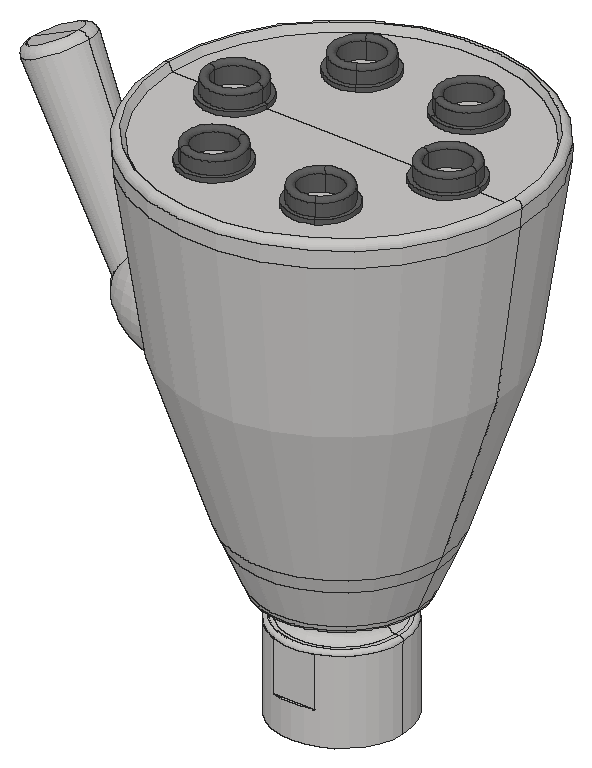
Revit family "S-2252", category Plumbing Equipment, host Face, Revit 2023
Family settings
  Host = Face
  Round Connector Dimension = Use Diameter
  Classification = None
  Part Type = Normal
  Cut with Voids When Loaded = No
  Maintain Annotation Orientation = No
  Shared = No
  Room Calculation Point = No
Parameters
  Nozzle = Rubber, Black
  Material = Stainless Steel, Polished
  Default Elevation = 4' - 0"
Reference planes (in)
  plane 1 "Center (Front/Back)": y = 0
  plane 2: z = 0
  plane 3 "Center (Left/Right)": x = 0
Forms (in)
  Revolve 1, solid, material "Stainless Steel, Polished" <- "Material"
    sketch origin (0, 0, 0) x (1, 0, 0) y (0, 0, 1)
      loop
        arc (0.76635, 1.30695) -> (1.17648, 2.50642) -> (1.36305, 3.76028) r 6.98413
        line (1.36305, 3.76028) -> (1.36858, 3.88074)
        arc (1.36858, 3.88074) -> (1.35195, 3.92088) -> (1.31182, 3.9375) r 0.05676
        line (1.31182, 3.9375) -> (1.28324, 3.88074) -> (0, 3.88074) -> (0, 0.62395) -> (0.46866, 0.62395)
        arc (0.46866, 0.62395) -> (0.4596, 0.64582) -> (0.43774, 0.65487) r 0.03092
        line (0.43774, 0.65487) -> (0.40649, 0.65487)
        arc (0.40649, 0.65487) -> (0.34253, 0.7097) -> (0.36067, 0.79196) r 0.08198
        line (0.36067, 0.79196) -> (0.40378, 0.83763) -> (0.54161, 0.83763)
        arc (0.54161, 0.83763) -> (0.55755, 0.84233) -> (0.5684, 0.85493) r 0.0294
        line (0.5684, 0.85493) -> (0.58498, 0.89162)
        arc (0.58498, 0.89162) -> (0.65201, 1.04336) -> (0.7165, 1.19619) r 9.9921
        line (0.7165, 1.19619) -> (0.76635, 1.30695)
      axis (0, 3.9375) -> (0, 0.62395)
    angle from 0 to 360
  Revolve 2, solid, material "Stainless Steel, Polished" <- "Material"
    sketch origin (0, 0, 0) x (1, 0, 0) y (0, 0, 1)
      loop
        line (-0.87614, 2.37991) -> (-1.6677, 2.37991)
        arc (-1.6677, 2.37991) -> (-1.63792, 2.2553) -> (-1.56378, 2.15081) r 0.33693
        arc (-1.56378, 2.15081) -> (-1.38846, 2.03351) -> (-1.18378, 1.9825) r 0.61374
        line (-1.18378, 1.9825) -> (-0.87614, 1.9825) -> (-0.87614, 2.37991)
      axis (-1.6677, 2.37991) -> (-0.87614, 2.37991)
    angle from 0 to 360
  SweptBlend 3, solid, material "Stainless Steel, Polished" <- "Material"
    path in 3D
      loop
        line (-2.13626, 0, 3.77621) -> (-1.47122, 0, 2.35001)
    profile origin (-2.13626, 0, 3.77621) x (0.906308, 0, 0.422618) y (0, -1, 0)
      loop
        circle (0, 0) r 0.24609
    end profile origin (-1.47122, 0, 2.35001) x (0.906308, 0, 0.422618) y (0, -1, 0)
      loop
        circle (0, 0) r 0.16797
  Extrusion 4, void
    sketch origin (0, 0, 0) x (0, 1, 0) y (0, 0, 1)
      loop
        spline (0.00019, 2.27674) -> (0.01182, 2.27954) -> (0.02265, 2.28772) -> (0.03196, 2.30074) -> (0.0391, 2.3177) -> (0.04359, 2.33746) -> (0.04512, 2.35866) -> (0.04359, 2.37985) -> (0.0391, 2.39961) -> (0.03196, 2.41657) -> (0.02265, 2.42959) -> (0.01182, 2.43777) -> (0.00019, 2.44057)
        spline (0.00019, 2.44057) -> (-0.01144, 2.43777) -> (-0.02228, 2.42959) -> (-0.03159, 2.41657) -> (-0.03873, 2.39961) -> (-0.04322, 2.37985) -> (-0.04475, 2.35866) -> (-0.04322, 2.33746) -> (-0.03873, 2.3177) -> (-0.03159, 2.30074) -> (-0.02228, 2.28772) -> (-0.01144, 2.27954) -> (0.00019, 2.27674)
      loop
        spline (-0.02517, 2.44772) -> (-0.036, 2.4377) -> (-0.04474, 2.42507) -> (-0.05154, 2.41037) -> (-0.05643, 2.39406) -> (-0.05938, 2.37664) -> (-0.06037, 2.35866) -> (-0.05938, 2.34067) -> (-0.05643, 2.32325) -> (-0.05154, 2.30694) -> (-0.04474, 2.29224) -> (-0.036, 2.27961) -> (-0.02517, 2.26959)
        spline (-0.02517, 2.26959) -> (-0.00331, 2.26127) -> (0.01959, 2.26596) -> (0.03773, 2.28126) -> (0.05047, 2.30327) -> (0.05815, 2.32977) -> (0.06075, 2.35866) -> (0.05815, 2.38754) -> (0.05047, 2.41404) -> (0.03773, 2.43605) -> (0.01959, 2.45135) -> (-0.00331, 2.45604) -> (-0.02517, 2.44772)
    from -1.77646 to -1.63183
  Revolve 5, solid, material "Rubber, Black" <- "Nozzle"
    sketch origin (0.40172, 0, 0) x (1, 0, 0) y (0, 0, 1)
      loop
        line (0.6182, 3.91199) -> (0.6182, 4.00641)
        arc (0.6182, 4.00641) -> (0.58897, 4.03437) -> (0.56233, 4.00394) r 0.02799
        line (0.56233, 4.00394) -> (0.56233, 3.88074) -> (0.6504, 3.88074) -> (0.6504, 3.91199)
        arc (0.6504, 3.91199) -> (0.6343, 3.91519) -> (0.6182, 3.91199) r 0.04214
      axis (0.40706, 3.88074) -> (0.40706, 4.00641)
    angle from 0 to 360
  Revolve 6, solid, material "Rubber, Black" <- "Nozzle"
    sketch origin (-0.40172, 0, 0) x (-1, 0, 0) y (0, 0, -1)
      loop
        arc (0.6182, -3.91199) -> (0.6343, -3.91519) -> (0.6504, -3.91199) r 0.04214
        line (0.6504, -3.91199) -> (0.6504, -3.88074) -> (0.56233, -3.88074) -> (0.56233, -4.00394)
        arc (0.56233, -4.00394) -> (0.58897, -4.03437) -> (0.6182, -4.00641) r 0.02799
        line (0.6182, -4.00641) -> (0.6182, -3.91199)
      axis (0.40706, -3.88074) -> (0.40706, -4.00641)
    angle from 0 to 360
  Revolve 7, solid, material "Rubber, Black" <- "Nozzle"
    sketch origin (-0.20086, 0.3479, 0) x (-0.5, 0.866025, 0) y (0, 0, -1)
      loop
        arc (0.6182, -3.91199) -> (0.6343, -3.91519) -> (0.6504, -3.91199) r 0.04214
        line (0.6504, -3.91199) -> (0.6504, -3.88074) -> (0.56233, -3.88074) -> (0.56233, -4.00394)
        arc (0.56233, -4.00394) -> (0.58897, -4.03437) -> (0.6182, -4.00641) r 0.02799
        line (0.6182, -4.00641) -> (0.6182, -3.91199)
      axis (0.40706, -3.88074) -> (0.40706, -4.00641)
    angle from 0 to 360
  Revolve 8, solid, material "Rubber, Black" <- "Nozzle"
    sketch origin (0.20086, 0.3479, 0) x (0.5, 0.866025, 0) y (0, 0, 1)
      loop
        line (0.6182, 3.91199) -> (0.6182, 4.00641)
        arc (0.6182, 4.00641) -> (0.58897, 4.03437) -> (0.56233, 4.00394) r 0.02799
        line (0.56233, 4.00394) -> (0.56233, 3.88074) -> (0.6504, 3.88074) -> (0.6504, 3.91199)
        arc (0.6504, 3.91199) -> (0.6343, 3.91519) -> (0.6182, 3.91199) r 0.04214
      axis (0.40706, 3.88074) -> (0.40706, 4.00641)
    angle from 0 to 360
  Revolve 9, solid, material "Rubber, Black" <- "Nozzle"
    sketch origin (-0.20086, -0.3479, 0) x (-0.5, -0.866025, 0) y (0, 0, 1)
      loop
        line (0.6182, 3.91199) -> (0.6182, 4.00641)
        arc (0.6182, 4.00641) -> (0.58897, 4.03437) -> (0.56233, 4.00394) r 0.02799
        line (0.56233, 4.00394) -> (0.56233, 3.88074) -> (0.6504, 3.88074) -> (0.6504, 3.91199)
        arc (0.6504, 3.91199) -> (0.6343, 3.91519) -> (0.6182, 3.91199) r 0.04214
      axis (0.40706, 3.88074) -> (0.40706, 4.00641)
    angle from 0 to 360
  Revolve 10, solid, material "Rubber, Black" <- "Nozzle"
    sketch origin (0.20086, -0.3479, 0) x (0.5, -0.866025, 0) y (0, 0, -1)
      loop
        arc (0.6182, -3.91199) -> (0.6343, -3.91519) -> (0.6504, -3.91199) r 0.04214
        line (0.6504, -3.91199) -> (0.6504, -3.88074) -> (0.56233, -3.88074) -> (0.56233, -4.00394)
        arc (0.56233, -4.00394) -> (0.58897, -4.03437) -> (0.6182, -4.00641) r 0.02799
        line (0.6182, -4.00641) -> (0.6182, -3.91199)
      axis (0.40706, -3.88074) -> (0.40706, -4.00641)
    angle from 0 to 360
  Revolve 11, solid, material "Stainless Steel, Polished" <- "Material"
    sketch origin (0, 0, 0) x (1, 0, 0) y (0, 0, 1)
      loop
        arc (-1.91323, 3.88021) -> (-1.94836, 3.90993) -> (-1.99418, 3.91413) r 0.07652
        line (-1.99418, 3.91413) -> (-2.16371, 3.83508) -> (-2.13626, 3.77621) -> (-1.91323, 3.88021)
      axis (-2.16371, 3.83508) -> (-2.13626, 3.77621)
    angle from 0 to 360
  Extrusion 12, void
    sketch origin (-0.24488, 0.87067, 0) x (1, 0, 0) y (0, 1, 0)
      loop
        line (-1.07399, -1.31278) -> (-1.07399, -2.56446) -> (1.42601, -2.56446) -> (1.42601, -1.31278) -> (-1.07399, -1.31278)
    from 0.25011 to 0.74445
  Extrusion 13, solid, material "Stainless Steel, Polished" <- "Material"
    sketch origin (0, 0, 0) x (1, 0, 0) y (0, -1, 0)
      loop
        circle (0, 0) r 0.46866
    from 0 to -0.62395
Cuts and joins
  Extrusion 4 cuts Revolve 1
  Extrusion 4 cuts Revolve 2
  Extrusion 4 cuts SweptBlend 3
  joined: Revolve 1, Revolve 2, SweptBlend 3
  Extrusion 12 cuts Extrusion 13
Lines and regions (in)
  sketch lines
    curve 1: line (-2.13626, 0, 3.77621) -> (-1.47122, 0, 2.35001)
  symbolic lines, not visible
    curve 2: line (-0.02617, 0, -0.02432) -> (-1.0309, 0, -1.02905)
    curve 3: line (-1.0309, 0, -1.02905) -> (-1.7809, 0, -1.02905)
    curve 4: line (-0.02617, 0, -0.02432) -> (-0.09087, 0, -0.26581)
    curve 5: line (-0.02617, 0, -0.02432) -> (-0.26765, 0, -0.08903)
Text (in)
  text "1/2\" FNPT INLET" at (-5.81028, 0, -0.67146), in view "Front"
  text "1/2\" FNPT INLET" at (-1.86791, 0, -0.70877), in view "Back"
  text "⌀" at (-1.18787, 0, 5.03094), in view "Front"
  text "⌀" at (1.23163, 0, 5.13441), in view "Back"
Dimensions and locks (in)
  Revolve 11 to cut or joined group of Revolve 1, Revolve 2, SweptBlend 3, Extrusion 4 = 0' - 3.72788"
  cut or joined group of Revolve 1, Revolve 2, SweptBlend 3, Extrusion 4 to Revolve 11 = 0' - 3.72788"
  cut or joined group of Extrusion 12, Extrusion 13 to cut or joined group of Revolve 1, Revolve 2, SweptBlend 3, Extrusion 4 = 0' - 3 15/16"
  cut or joined group of Revolve 1, Revolve 2, SweptBlend 3, Extrusion 4 to cut or joined group of Extrusion 12, Extrusion 13 = 0' - 3 15/16"
  cut or joined group of Revolve 1, Revolve 2, SweptBlend 3, Extrusion 4 to cut or joined group of Revolve 1, Revolve 2, SweptBlend 3, Extrusion 4 = 0' - 2.73716"  (x2)
  diameter of cut or joined group of Revolve 1, Revolve 2, SweptBlend 3, Extrusion 4 = 0' - 2.73716"
  aligned and locked: plane 2 to host face
  aligned and locked: level to host face
